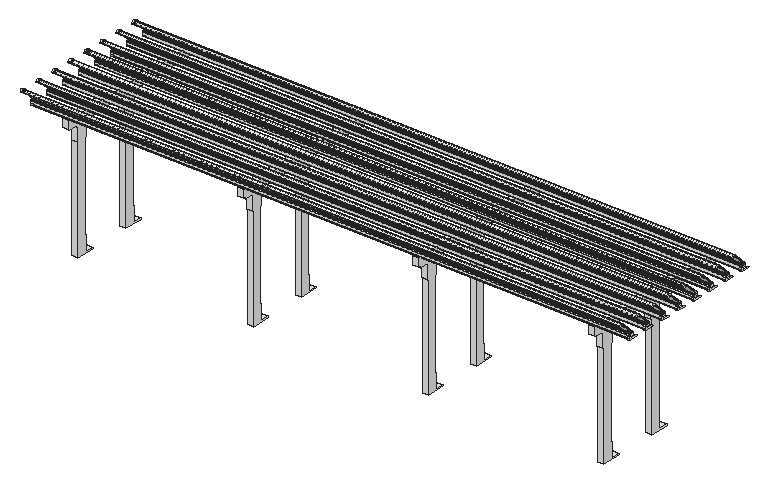
Revit family "Windows_Blinds_Nimex_Solovent_CL1100", category Specialty Equipment, host Face, Revit 2018
Family settings
  Host = Face
  Round Connector Dimension = Use Diameter
  Part Type = Normal
  OmniClass Number = 23.40.10.14
  OmniClass Title = Exterior Specialties
  Cut with Voids When Loaded = No
  Shared = No
  Room Calculation Point = No
Parameters (values of type "CL1100 - 800 mm")
  TotalLengthControl [instance] = if(TotalLength < 500 mm, 500 mm, TotalLength)  # 3000 mm
  TotalLength [instance] = 3000 mm
  WarrantyStartDate [instance] = "n/a"
  WarrantyGuarantorParts = "n/a"
  WarrantyGuarantorLabor = "n/a"
  WarrantyDurationUnit = "Years"
  WarrantyDurationParts = "n/a"
  WarrantyDurationLabor = "n/a"
  WarrantyDescription = "n/a"
  VersionDate = "28/06/2021"  # constant formula
  Version = "1"  # constant formula
  Uniclass2015Reference = "Ss_25_50_80"
  Uniclass2015Description = "Shutter systems"
  Uniclass2 = "Ss_25_50"
  URL = "https://www.nimex.se/"
  Type Comments = ""
  TagNumber [instance] = "n/a"
  SustainabilityPerformance = "n/a"
  Size = "500 - 4000 x 800 x 735 mm"
  Shape = "Sculptured"
  SerialNumber [instance] = "n/a"
  Revision = "n/a"
  ReplacementCost = "n/a"
  ProductInformation = "n/a"
  ObjectType = CL1100_800 : CL1100_800
  NominalWidth [instance] = TotalLengthControl  # 3000 mm
  NominalLength = 900 mm
  NominalHeight = 732.112 mm
  NominalDepth = 800 mm
  Name = "Nimex_Solovent_CL1100"
  NBSReference = "25-90-20/175"
  NBSDescription = "Shutter hardware system"
  ModelReference = "n/a"
  ModelNumber = "n/a"
  Model = "CL1100 - 800 mm"
  Material = "Aluminum & plastic"
  ManufacturerURL = "https://www.nimex.se/"
  ManufacturerName = "Nimex"
  Manufacturer = ManufacturerName  # "Nimex"
  InstallationDate [instance] = "n/a"
  IfcExportType = "BLIND"  # constant formula
  IfcExportAs = "IfcShadingDeviceType"  # constant formula
  Grade = "n/a"
  Finish = "n/a"
  Features = "n/a"
  ExpectedLife = "n/a"
  DurationUnit = "Years"
  Description = ""
  Default Elevation = 0 mm
  Constituents = "n/a"
  Color = "Various"
  CodePerformance = "n/a"
  Category = "Shutters"
  Brand = "Nimex"
  BlindSecondaryMaterial [instance] = Aluminum
  BlindMainMaterial [instance] = Aluminum
  Barcode [instance] = "n/a"
  BIMObjectName = "Windows_Blinds_Nimex_Solovent_CL1100"  # constant formula
  Author = "BIMstone"  # constant formula
  AssetType = "Fixed"
  AssetIdentifier [instance] = "n/a"
  Assembly Code = ""
  AccessibilityPerformance = "n/a"
Reference planes
  plane 1 "Center (Front/Back)": y = 1797.778
  plane 2: z = 0
  plane 3 "Center (Left/Right)": x = 0
  plane 4: x = -1500
  plane 5: x = 1500
  plane 6: z = 732.112
  plane 7: y = 997.778
Dimensions and locks
  equal spacing: plane 4, plane 3 "Center (Left/Right)", plane 5
  "NominalWidth": plane 4 to plane 5
  "NominalHeight": plane 6 to host face
  "NominalDepth": plane 1 "Center (Front/Back)" to plane 7
  aligned and locked: host face to plane 2
  aligned and locked: level to host face
Automatic sketch dimensions
  host sketch curve to host sketch curve = 5000 mm
  host sketch curve to host sketch curve = 5719.2 mm
Nested families
  nested 1: "CL1100_800" at (0, 964.464, 0), Length <- "TotalLengthControl", Bars <- "BlindSecondaryMaterial", Body <- "BlindMainMaterial", type <- "ObjectType", A <- "NominalDepth", type "CL1100_800"
    with Length 3000 mm, Body Aluminum, Bars Aluminum, ArrayIndex 4, ArrayDistance 876.667 mm, A 800 mm
Definition of nested family "CL1100_800"
  Parameters (values of type "CL1100_800")
    Length [instance] = 1000 mm
    Body [instance] = none
    Bars [instance] = none
    ArrayIndex [instance] = rounddown((Length - 370 mm) / 1200 mm) + 2  # 2
    ArrayDistance [instance] = (Length - 370 mm) / (ArrayIndex - 1)  # 630 mm
    A [instance] = 1800 mm
  Reference planes
    plane 1 "Center (Front/Back)": y = 0
    plane 2: z = 0
    plane 3 "Center (Left/Right)": x = 0
    plane 4: x = -500
    plane 5: x = 500
    plane 6: x = -330
    plane 7: x = -300
    plane 8: z = 732.112
    plane 9: x = -830
    plane 10: x = -800
    plane 11: x = 300
    plane 12: x = 330
    plane 13: y = 833.314
  Forms (mm)
    Extrusion 1, solid, material <- "Body", detail levels medium+fine
      sketch origin (0, -122.603, 737) x (0, 1, 0) y (0, 0, 1)
        loop
          line (922.916, -95) -> (922.916, -85.746)
          arc (922.916, -85.746) -> (922.996, -85.345) -> (923.223, -85.004) r 1.048
          line (923.223, -85.004) -> (925.364, -82.864) -> (926.345, -83.551)
          arc (926.345, -83.551) -> (926.727, -83.606) -> (926.999, -83.332) r 0.429
          line (926.999, -83.332) -> (930.759, -71.758)
          arc (930.759, -71.758) -> (930.804, -70.634) -> (930.254, -69.652) r 2.073
          line (930.254, -69.652) -> (929.02, -68.418)
          arc (929.02, -68.418) -> (928.64, -68.164) -> (928.192, -68.075) r 1.171
          line (928.192, -68.075) -> (927.395, -68.075)
          arc (927.395, -68.075) -> (927.012, -67.999) -> (926.687, -67.782) r 1
          line (926.687, -67.782) -> (872.29, -13.385)
          arc (872.29, -13.385) -> (872.064, -13.047) -> (871.985, -12.648) r 1.042
          line (871.985, -12.648) -> (871.985, -11.856)
          arc (871.985, -11.856) -> (871.898, -11.419) -> (871.65, -11.048) r 1.144
          line (871.65, -11.048) -> (870.384, -9.782)
          arc (870.384, -9.782) -> (869.426, -9.246) -> (868.329, -9.292) r 2.018
          line (868.329, -9.292) -> (856.933, -13.028)
          arc (856.933, -13.028) -> (856.578, -13.346) -> (856.572, -13.823) r 0.593
          line (856.572, -13.823) -> (857.03, -14.487)
          arc (857.03, -14.487) -> (857.086, -14.872) -> (856.885, -15.205) r 0.575
          line (856.885, -15.205) -> (855.952, -15.961)
          arc (855.952, -15.961) -> (855.883, -16.748) -> (856.641, -16.968) r 0.622
          arc (856.641, -16.968) -> (858.009, -16.219) -> (859.211, -15.227) r 8.226
          arc (859.211, -15.227) -> (859.765, -14.79) -> (860.405, -14.495) r 3
          line (860.405, -14.495) -> (868.311, -11.926)
          arc (868.311, -11.926) -> (869.115, -12.053) -> (869.485, -12.779) r 0.897
          line (869.485, -12.779) -> (869.485, -13.689)
          arc (869.485, -13.689) -> (869.562, -14.084) -> (869.781, -14.422) r 1.057
          line (869.781, -14.422) -> (925.378, -72.1)
          arc (925.378, -72.1) -> (925.864, -72.997) -> (925.82, -74.017) r 1.91
          line (925.82, -74.017) -> (924.633, -77.67)
          arc (924.633, -77.67) -> (923.407, -79.356) -> (921.425, -80) r 3.373
          line (921.425, -80) -> (919.92, -80)
          arc (919.92, -80) -> (918.503, -80.587) -> (917.916, -82.004) r 2.004
          line (917.916, -82.004) -> (917.916, -97.902)
          arc (917.916, -97.902) -> (918.531, -99.386) -> (920.015, -100) r 2.099
          line (920.015, -100) -> (955.916, -100) -> (955.916, -96.851)
          arc (955.916, -96.851) -> (955.374, -95.542) -> (954.066, -95) r 1.851
          line (954.066, -95) -> (922.916, -95)
        loop
          line (822.916, -95) -> (822.916, -85.746)
          arc (822.916, -85.746) -> (822.996, -85.345) -> (823.223, -85.004) r 1.048
          line (823.223, -85.004) -> (825.364, -82.864) -> (826.345, -83.551)
          arc (826.345, -83.551) -> (826.727, -83.606) -> (826.999, -83.332) r 0.429
          line (826.999, -83.332) -> (830.759, -71.758)
          arc (830.759, -71.758) -> (830.804, -70.634) -> (830.254, -69.652) r 2.073
          line (830.254, -69.652) -> (829.02, -68.418)
          arc (829.02, -68.418) -> (828.64, -68.164) -> (828.192, -68.075) r 1.171
          line (828.192, -68.075) -> (827.395, -68.075)
          arc (827.395, -68.075) -> (827.012, -67.999) -> (826.687, -67.782) r 1
          line (826.687, -67.782) -> (772.29, -13.385)
          arc (772.29, -13.385) -> (772.064, -13.047) -> (771.985, -12.648) r 1.042
          line (771.985, -12.648) -> (771.985, -11.856)
          arc (771.985, -11.856) -> (771.898, -11.419) -> (771.65, -11.048) r 1.144
          line (771.65, -11.048) -> (770.384, -9.782)
          arc (770.384, -9.782) -> (769.426, -9.246) -> (768.329, -9.292) r 2.018
          line (768.329, -9.292) -> (756.933, -13.028)
          arc (756.933, -13.028) -> (756.578, -13.346) -> (756.572, -13.823) r 0.593
          line (756.572, -13.823) -> (757.03, -14.487)
          arc (757.03, -14.487) -> (757.086, -14.872) -> (756.885, -15.205) r 0.575
          line (756.885, -15.205) -> (755.952, -15.961)
          arc (755.952, -15.961) -> (755.883, -16.748) -> (756.641, -16.968) r 0.622
          arc (756.641, -16.968) -> (758.009, -16.219) -> (759.211, -15.227) r 8.226
          arc (759.211, -15.227) -> (759.765, -14.79) -> (760.405, -14.495) r 3
          line (760.405, -14.495) -> (768.311, -11.926)
          arc (768.311, -11.926) -> (769.115, -12.053) -> (769.485, -12.779) r 0.897
          line (769.485, -12.779) -> (769.485, -13.689)
          arc (769.485, -13.689) -> (769.562, -14.084) -> (769.781, -14.422) r 1.057
          line (769.781, -14.422) -> (825.378, -72.1)
          arc (825.378, -72.1) -> (825.864, -72.997) -> (825.82, -74.017) r 1.91
          line (825.82, -74.017) -> (824.633, -77.67)
          arc (824.633, -77.67) -> (823.407, -79.356) -> (821.425, -80) r 3.373
          line (821.425, -80) -> (819.92, -80)
          arc (819.92, -80) -> (818.503, -80.587) -> (817.916, -82.004) r 2.004
          line (817.916, -82.004) -> (817.916, -97.902)
          arc (817.916, -97.902) -> (818.531, -99.386) -> (820.015, -100) r 2.099
          line (820.015, -100) -> (855.916, -100) -> (855.916, -96.851)
          arc (855.916, -96.851) -> (855.374, -95.542) -> (854.066, -95) r 1.851
          line (854.066, -95) -> (822.916, -95)
        loop
          line (722.916, -95) -> (722.916, -85.746)
          arc (722.916, -85.746) -> (722.996, -85.345) -> (723.223, -85.004) r 1.048
          line (723.223, -85.004) -> (725.364, -82.864) -> (726.345, -83.551)
          arc (726.345, -83.551) -> (726.727, -83.606) -> (726.999, -83.332) r 0.429
          line (726.999, -83.332) -> (730.759, -71.758)
          arc (730.759, -71.758) -> (730.804, -70.634) -> (730.254, -69.652) r 2.073
          line (730.254, -69.652) -> (729.02, -68.418)
          arc (729.02, -68.418) -> (728.64, -68.164) -> (728.192, -68.075) r 1.171
          line (728.192, -68.075) -> (727.395, -68.075)
          arc (727.395, -68.075) -> (727.012, -67.999) -> (726.687, -67.782) r 1
          line (726.687, -67.782) -> (672.29, -13.385)
          arc (672.29, -13.385) -> (672.064, -13.047) -> (671.985, -12.648) r 1.042
          line (671.985, -12.648) -> (671.985, -11.856)
          arc (671.985, -11.856) -> (671.898, -11.419) -> (671.65, -11.048) r 1.144
          line (671.65, -11.048) -> (670.384, -9.782)
          arc (670.384, -9.782) -> (669.426, -9.246) -> (668.329, -9.292) r 2.018
          line (668.329, -9.292) -> (656.933, -13.028)
          arc (656.933, -13.028) -> (656.578, -13.346) -> (656.572, -13.823) r 0.593
          line (656.572, -13.823) -> (657.03, -14.487)
          arc (657.03, -14.487) -> (657.086, -14.872) -> (656.885, -15.205) r 0.575
          line (656.885, -15.205) -> (655.952, -15.961)
          arc (655.952, -15.961) -> (655.883, -16.748) -> (656.641, -16.968) r 0.622
          arc (656.641, -16.968) -> (658.009, -16.219) -> (659.211, -15.227) r 8.226
          arc (659.211, -15.227) -> (659.765, -14.79) -> (660.405, -14.495) r 3
          line (660.405, -14.495) -> (668.311, -11.926)
          arc (668.311, -11.926) -> (669.115, -12.053) -> (669.485, -12.779) r 0.897
          line (669.485, -12.779) -> (669.485, -13.689)
          arc (669.485, -13.689) -> (669.562, -14.084) -> (669.781, -14.422) r 1.057
          line (669.781, -14.422) -> (725.378, -72.1)
          arc (725.378, -72.1) -> (725.864, -72.997) -> (725.82, -74.017) r 1.91
          line (725.82, -74.017) -> (724.633, -77.67)
          arc (724.633, -77.67) -> (723.407, -79.356) -> (721.425, -80) r 3.373
          line (721.425, -80) -> (719.92, -80)
          arc (719.92, -80) -> (718.503, -80.587) -> (717.916, -82.004) r 2.004
          line (717.916, -82.004) -> (717.916, -97.902)
          arc (717.916, -97.902) -> (718.531, -99.386) -> (720.015, -100) r 2.099
          line (720.015, -100) -> (755.916, -100) -> (755.916, -96.851)
          arc (755.916, -96.851) -> (755.374, -95.542) -> (754.066, -95) r 1.851
          line (754.066, -95) -> (722.916, -95)
        loop
          line (622.916, -95) -> (622.916, -85.746)
          arc (622.916, -85.746) -> (622.996, -85.345) -> (623.223, -85.004) r 1.048
          line (623.223, -85.004) -> (625.364, -82.864) -> (626.345, -83.551)
          arc (626.345, -83.551) -> (626.727, -83.606) -> (626.999, -83.332) r 0.429
          line (626.999, -83.332) -> (630.759, -71.758)
          arc (630.759, -71.758) -> (630.804, -70.634) -> (630.254, -69.652) r 2.073
          line (630.254, -69.652) -> (629.02, -68.418)
          arc (629.02, -68.418) -> (628.64, -68.164) -> (628.192, -68.075) r 1.171
          line (628.192, -68.075) -> (627.395, -68.075)
          arc (627.395, -68.075) -> (627.012, -67.999) -> (626.687, -67.782) r 1
          line (626.687, -67.782) -> (572.29, -13.385)
          arc (572.29, -13.385) -> (572.064, -13.047) -> (571.985, -12.648) r 1.042
          line (571.985, -12.648) -> (571.985, -11.856)
          arc (571.985, -11.856) -> (571.898, -11.419) -> (571.65, -11.048) r 1.144
          line (571.65, -11.048) -> (570.384, -9.782)
          arc (570.384, -9.782) -> (569.426, -9.246) -> (568.329, -9.292) r 2.018
          line (568.329, -9.292) -> (556.933, -13.028)
          arc (556.933, -13.028) -> (556.578, -13.346) -> (556.572, -13.823) r 0.593
          line (556.572, -13.823) -> (557.03, -14.487)
          arc (557.03, -14.487) -> (557.086, -14.872) -> (556.885, -15.205) r 0.575
          line (556.885, -15.205) -> (555.952, -15.961)
          arc (555.952, -15.961) -> (555.883, -16.748) -> (556.641, -16.968) r 0.622
          arc (556.641, -16.968) -> (558.009, -16.219) -> (559.211, -15.227) r 8.226
          arc (559.211, -15.227) -> (559.765, -14.79) -> (560.405, -14.495) r 3
          line (560.405, -14.495) -> (568.311, -11.926)
          arc (568.311, -11.926) -> (569.115, -12.053) -> (569.485, -12.779) r 0.897
          line (569.485, -12.779) -> (569.485, -13.689)
          arc (569.485, -13.689) -> (569.562, -14.084) -> (569.781, -14.422) r 1.057
          line (569.781, -14.422) -> (625.378, -72.1)
          arc (625.378, -72.1) -> (625.864, -72.997) -> (625.82, -74.017) r 1.91
          line (625.82, -74.017) -> (624.633, -77.67)
          arc (624.633, -77.67) -> (623.407, -79.356) -> (621.425, -80) r 3.373
          line (621.425, -80) -> (619.92, -80)
          arc (619.92, -80) -> (618.503, -80.587) -> (617.916, -82.004) r 2.004
          line (617.916, -82.004) -> (617.916, -97.902)
          arc (617.916, -97.902) -> (618.531, -99.386) -> (620.015, -100) r 2.099
          line (620.015, -100) -> (655.916, -100) -> (655.916, -96.851)
          arc (655.916, -96.851) -> (655.374, -95.542) -> (654.066, -95) r 1.851
          line (654.066, -95) -> (622.916, -95)
        loop
          line (522.916, -95) -> (522.916, -85.746)
          arc (522.916, -85.746) -> (522.996, -85.345) -> (523.223, -85.004) r 1.048
          line (523.223, -85.004) -> (525.364, -82.864) -> (526.345, -83.551)
          arc (526.345, -83.551) -> (526.727, -83.606) -> (526.999, -83.332) r 0.429
          line (526.999, -83.332) -> (530.759, -71.758)
          arc (530.759, -71.758) -> (530.804, -70.634) -> (530.254, -69.652) r 2.073
          line (530.254, -69.652) -> (529.02, -68.418)
          arc (529.02, -68.418) -> (528.64, -68.164) -> (528.192, -68.075) r 1.171
          line (528.192, -68.075) -> (527.395, -68.075)
          arc (527.395, -68.075) -> (527.012, -67.999) -> (526.687, -67.782) r 1
          line (526.687, -67.782) -> (472.29, -13.385)
          arc (472.29, -13.385) -> (472.064, -13.047) -> (471.985, -12.648) r 1.042
          line (471.985, -12.648) -> (471.985, -11.856)
          arc (471.985, -11.856) -> (471.898, -11.419) -> (471.65, -11.048) r 1.144
          line (471.65, -11.048) -> (470.384, -9.782)
          arc (470.384, -9.782) -> (469.426, -9.246) -> (468.329, -9.292) r 2.018
          line (468.329, -9.292) -> (456.933, -13.028)
          arc (456.933, -13.028) -> (456.578, -13.346) -> (456.572, -13.823) r 0.593
          line (456.572, -13.823) -> (457.03, -14.487)
          arc (457.03, -14.487) -> (457.086, -14.872) -> (456.885, -15.205) r 0.575
          line (456.885, -15.205) -> (455.952, -15.961)
          arc (455.952, -15.961) -> (455.883, -16.748) -> (456.641, -16.968) r 0.622
          arc (456.641, -16.968) -> (458.009, -16.219) -> (459.211, -15.227) r 8.226
          arc (459.211, -15.227) -> (459.765, -14.79) -> (460.405, -14.495) r 3
          line (460.405, -14.495) -> (468.311, -11.926)
          arc (468.311, -11.926) -> (469.115, -12.053) -> (469.485, -12.779) r 0.897
          line (469.485, -12.779) -> (469.485, -13.689)
          arc (469.485, -13.689) -> (469.562, -14.084) -> (469.781, -14.422) r 1.057
          line (469.781, -14.422) -> (525.378, -72.1)
          arc (525.378, -72.1) -> (525.864, -72.997) -> (525.82, -74.017) r 1.91
          line (525.82, -74.017) -> (524.633, -77.67)
          arc (524.633, -77.67) -> (523.407, -79.356) -> (521.425, -80) r 3.373
          line (521.425, -80) -> (519.92, -80)
          arc (519.92, -80) -> (518.503, -80.587) -> (517.916, -82.004) r 2.004
          line (517.916, -82.004) -> (517.916, -97.902)
          arc (517.916, -97.902) -> (518.531, -99.386) -> (520.015, -100) r 2.099
          line (520.015, -100) -> (555.916, -100) -> (555.916, -96.851)
          arc (555.916, -96.851) -> (555.374, -95.542) -> (554.066, -95) r 1.851
          line (554.066, -95) -> (522.916, -95)
        loop
          line (422.916, -95) -> (422.916, -85.746)
          arc (422.916, -85.746) -> (422.996, -85.345) -> (423.223, -85.004) r 1.048
          line (423.223, -85.004) -> (425.364, -82.864) -> (426.345, -83.551)
          arc (426.345, -83.551) -> (426.727, -83.606) -> (426.999, -83.332) r 0.429
          line (426.999, -83.332) -> (430.759, -71.758)
          arc (430.759, -71.758) -> (430.804, -70.634) -> (430.254, -69.652) r 2.073
          line (430.254, -69.652) -> (429.02, -68.418)
          arc (429.02, -68.418) -> (428.64, -68.164) -> (428.192, -68.075) r 1.171
          line (428.192, -68.075) -> (427.395, -68.075)
          arc (427.395, -68.075) -> (427.012, -67.999) -> (426.687, -67.782) r 1
          line (426.687, -67.782) -> (372.29, -13.385)
          arc (372.29, -13.385) -> (372.064, -13.047) -> (371.985, -12.648) r 1.042
          line (371.985, -12.648) -> (371.985, -11.856)
          arc (371.985, -11.856) -> (371.898, -11.419) -> (371.65, -11.048) r 1.144
          line (371.65, -11.048) -> (370.384, -9.782)
          arc (370.384, -9.782) -> (369.426, -9.246) -> (368.329, -9.292) r 2.018
          line (368.329, -9.292) -> (356.933, -13.028)
          arc (356.933, -13.028) -> (356.578, -13.346) -> (356.572, -13.823) r 0.593
          line (356.572, -13.823) -> (357.03, -14.487)
          arc (357.03, -14.487) -> (357.086, -14.872) -> (356.885, -15.205) r 0.575
          line (356.885, -15.205) -> (355.952, -15.961)
          arc (355.952, -15.961) -> (355.883, -16.748) -> (356.641, -16.968) r 0.622
          arc (356.641, -16.968) -> (358.009, -16.219) -> (359.211, -15.227) r 8.226
          arc (359.211, -15.227) -> (359.765, -14.79) -> (360.405, -14.495) r 3
          line (360.405, -14.495) -> (368.311, -11.926)
          arc (368.311, -11.926) -> (369.115, -12.053) -> (369.485, -12.779) r 0.897
          line (369.485, -12.779) -> (369.485, -13.689)
          arc (369.485, -13.689) -> (369.562, -14.084) -> (369.781, -14.422) r 1.057
          line (369.781, -14.422) -> (425.378, -72.1)
          arc (425.378, -72.1) -> (425.864, -72.997) -> (425.82, -74.017) r 1.91
          line (425.82, -74.017) -> (424.633, -77.67)
          arc (424.633, -77.67) -> (423.407, -79.356) -> (421.425, -80) r 3.373
          line (421.425, -80) -> (419.92, -80)
          arc (419.92, -80) -> (418.503, -80.587) -> (417.916, -82.004) r 2.004
          line (417.916, -82.004) -> (417.916, -97.902)
          arc (417.916, -97.902) -> (418.531, -99.386) -> (420.015, -100) r 2.099
          line (420.015, -100) -> (455.916, -100) -> (455.916, -96.851)
          arc (455.916, -96.851) -> (455.374, -95.542) -> (454.066, -95) r 1.851
          line (454.066, -95) -> (422.916, -95)
        loop
          line (322.916, -95) -> (322.916, -85.746)
          arc (322.916, -85.746) -> (322.996, -85.345) -> (323.223, -85.004) r 1.048
          line (323.223, -85.004) -> (325.364, -82.864) -> (326.345, -83.551)
          arc (326.345, -83.551) -> (326.727, -83.606) -> (326.999, -83.332) r 0.429
          line (326.999, -83.332) -> (330.759, -71.758)
          arc (330.759, -71.758) -> (330.804, -70.634) -> (330.254, -69.652) r 2.073
          line (330.254, -69.652) -> (329.02, -68.418)
          arc (329.02, -68.418) -> (328.64, -68.164) -> (328.192, -68.075) r 1.171
          line (328.192, -68.075) -> (327.395, -68.075)
          arc (327.395, -68.075) -> (327.012, -67.999) -> (326.687, -67.782) r 1
          line (326.687, -67.782) -> (272.29, -13.385)
          arc (272.29, -13.385) -> (272.064, -13.047) -> (271.985, -12.648) r 1.042
          line (271.985, -12.648) -> (271.985, -11.856)
          arc (271.985, -11.856) -> (271.898, -11.419) -> (271.65, -11.048) r 1.144
          line (271.65, -11.048) -> (270.384, -9.782)
          arc (270.384, -9.782) -> (269.426, -9.246) -> (268.329, -9.292) r 2.018
          line (268.329, -9.292) -> (256.933, -13.028)
          arc (256.933, -13.028) -> (256.578, -13.346) -> (256.572, -13.823) r 0.593
          line (256.572, -13.823) -> (257.03, -14.487)
          arc (257.03, -14.487) -> (257.086, -14.872) -> (256.885, -15.205) r 0.575
          line (256.885, -15.205) -> (255.952, -15.961)
          arc (255.952, -15.961) -> (255.883, -16.748) -> (256.641, -16.968) r 0.622
          arc (256.641, -16.968) -> (258.009, -16.219) -> (259.211, -15.227) r 8.226
          arc (259.211, -15.227) -> (259.765, -14.79) -> (260.405, -14.495) r 3
          line (260.405, -14.495) -> (268.311, -11.926)
          arc (268.311, -11.926) -> (269.115, -12.053) -> (269.485, -12.779) r 0.897
          line (269.485, -12.779) -> (269.485, -13.689)
          arc (269.485, -13.689) -> (269.562, -14.084) -> (269.781, -14.422) r 1.057
          line (269.781, -14.422) -> (325.378, -72.1)
          arc (325.378, -72.1) -> (325.864, -72.997) -> (325.82, -74.017) r 1.91
          line (325.82, -74.017) -> (324.633, -77.67)
          arc (324.633, -77.67) -> (323.407, -79.356) -> (321.425, -80) r 3.373
          line (321.425, -80) -> (319.92, -80)
          arc (319.92, -80) -> (318.503, -80.587) -> (317.916, -82.004) r 2.004
          line (317.916, -82.004) -> (317.916, -97.902)
          arc (317.916, -97.902) -> (318.531, -99.386) -> (320.015, -100) r 2.099
          line (320.015, -100) -> (355.916, -100) -> (355.916, -96.851)
          arc (355.916, -96.851) -> (355.374, -95.542) -> (354.066, -95) r 1.851
          line (354.066, -95) -> (322.916, -95)
        loop
          line (222.916, -95) -> (222.916, -85.746)
          arc (222.916, -85.746) -> (222.996, -85.345) -> (223.223, -85.004) r 1.048
          line (223.223, -85.004) -> (225.364, -82.864) -> (226.345, -83.551)
          arc (226.345, -83.551) -> (226.727, -83.606) -> (226.999, -83.332) r 0.429
          line (226.999, -83.332) -> (230.759, -71.758)
          arc (230.759, -71.758) -> (230.804, -70.634) -> (230.254, -69.652) r 2.073
          line (230.254, -69.652) -> (229.02, -68.418)
          arc (229.02, -68.418) -> (228.64, -68.164) -> (228.192, -68.075) r 1.171
          line (228.192, -68.075) -> (227.395, -68.075)
          arc (227.395, -68.075) -> (227.012, -67.999) -> (226.687, -67.782) r 1
          line (226.687, -67.782) -> (172.29, -13.385)
          arc (172.29, -13.385) -> (172.064, -13.047) -> (171.985, -12.648) r 1.042
          line (171.985, -12.648) -> (171.985, -11.856)
          arc (171.985, -11.856) -> (171.898, -11.419) -> (171.65, -11.048) r 1.144
          line (171.65, -11.048) -> (170.384, -9.782)
          arc (170.384, -9.782) -> (169.426, -9.246) -> (168.329, -9.292) r 2.018
          line (168.329, -9.292) -> (156.933, -13.028)
          arc (156.933, -13.028) -> (156.578, -13.346) -> (156.572, -13.823) r 0.593
          line (156.572, -13.823) -> (157.03, -14.487)
          arc (157.03, -14.487) -> (157.086, -14.872) -> (156.885, -15.205) r 0.575
          line (156.885, -15.205) -> (155.952, -15.961)
          arc (155.952, -15.961) -> (155.883, -16.748) -> (156.641, -16.968) r 0.622
          arc (156.641, -16.968) -> (158.009, -16.219) -> (159.211, -15.227) r 8.226
          arc (159.211, -15.227) -> (159.765, -14.79) -> (160.405, -14.495) r 3
          line (160.405, -14.495) -> (168.311, -11.926)
          arc (168.311, -11.926) -> (169.115, -12.053) -> (169.485, -12.779) r 0.897
          line (169.485, -12.779) -> (169.485, -13.689)
          arc (169.485, -13.689) -> (169.562, -14.084) -> (169.781, -14.422) r 1.057
          line (169.781, -14.422) -> (225.378, -72.1)
          arc (225.378, -72.1) -> (225.864, -72.997) -> (225.82, -74.017) r 1.91
          line (225.82, -74.017) -> (224.633, -77.67)
          arc (224.633, -77.67) -> (223.407, -79.356) -> (221.425, -80) r 3.373
          line (221.425, -80) -> (219.92, -80)
          arc (219.92, -80) -> (218.503, -80.587) -> (217.916, -82.004) r 2.004
          line (217.916, -82.004) -> (217.916, -97.902)
          arc (217.916, -97.902) -> (218.531, -99.386) -> (220.015, -100) r 2.099
          line (220.015, -100) -> (255.916, -100) -> (255.916, -96.851)
          arc (255.916, -96.851) -> (255.374, -95.542) -> (254.066, -95) r 1.851
          line (254.066, -95) -> (222.916, -95)
      from -500 to 500
    Extrusion 2, solid, material <- "Bars", detail levels medium+fine
      sketch origin (0, 0, 0) x (0, 1, 0) y (0, 0, 1)
        loop
          line (808.852, 668.127) -> (747.592, 729.388)
          arc (747.592, 729.388) -> (736.666, 731.032) -> (731.88, 721.074) r 9.3
          arc (731.88, 721.074) -> (732.342, 720.558) -> (733.014, 720.725) r 0.671
          line (733.014, 720.725) -> (733.8, 721.511)
          arc (733.8, 721.511) -> (733.959, 721.876) -> (733.826, 722.251) r 0.543
          line (733.826, 722.251) -> (733.12, 723.064)
          arc (733.12, 723.064) -> (738.109, 730.158) -> (746.602, 728.398) r 7.9
          line (746.602, 728.398) -> (807.862, 667.138)
          arc (807.862, 667.138) -> (809.61, 658.619) -> (802.467, 653.66) r 7.896
          line (802.467, 653.66) -> (801.737, 654.39)
          arc (801.737, 654.39) -> (801.383, 654.536) -> (801.029, 654.39) r 0.5
          line (801.029, 654.39) -> (800.179, 653.54)
          arc (800.179, 653.54) -> (800.014, 652.875) -> (800.524, 652.418) r 0.664
          arc (800.524, 652.418) -> (810.493, 657.195) -> (808.852, 668.127) r 9.3
        loop
          line (708.852, 668.127) -> (647.592, 729.388)
          arc (647.592, 729.388) -> (636.666, 731.032) -> (631.88, 721.074) r 9.3
          arc (631.88, 721.074) -> (632.342, 720.558) -> (633.014, 720.725) r 0.671
          line (633.014, 720.725) -> (633.8, 721.511)
          arc (633.8, 721.511) -> (633.959, 721.876) -> (633.826, 722.251) r 0.543
          line (633.826, 722.251) -> (633.12, 723.064)
          arc (633.12, 723.064) -> (638.109, 730.158) -> (646.602, 728.398) r 7.9
          line (646.602, 728.398) -> (707.862, 667.138)
          arc (707.862, 667.138) -> (709.61, 658.619) -> (702.467, 653.66) r 7.896
          line (702.467, 653.66) -> (701.737, 654.39)
          arc (701.737, 654.39) -> (701.383, 654.536) -> (701.029, 654.39) r 0.5
          line (701.029, 654.39) -> (700.179, 653.54)
          arc (700.179, 653.54) -> (700.014, 652.875) -> (700.524, 652.418) r 0.664
          arc (700.524, 652.418) -> (710.493, 657.195) -> (708.852, 668.127) r 9.3
        loop
          line (608.852, 668.127) -> (547.592, 729.388)
          arc (547.592, 729.388) -> (536.666, 731.032) -> (531.88, 721.074) r 9.3
          arc (531.88, 721.074) -> (532.342, 720.558) -> (533.014, 720.725) r 0.671
          line (533.014, 720.725) -> (533.8, 721.511)
          arc (533.8, 721.511) -> (533.959, 721.876) -> (533.826, 722.251) r 0.543
          line (533.826, 722.251) -> (533.12, 723.064)
          arc (533.12, 723.064) -> (538.109, 730.158) -> (546.602, 728.398) r 7.9
          line (546.602, 728.398) -> (607.862, 667.138)
          arc (607.862, 667.138) -> (609.61, 658.619) -> (602.467, 653.66) r 7.896
          line (602.467, 653.66) -> (601.737, 654.39)
          arc (601.737, 654.39) -> (601.383, 654.536) -> (601.029, 654.39) r 0.5
          line (601.029, 654.39) -> (600.179, 653.54)
          arc (600.179, 653.54) -> (600.014, 652.875) -> (600.524, 652.418) r 0.664
          arc (600.524, 652.418) -> (610.493, 657.195) -> (608.852, 668.127) r 9.3
        loop
          line (508.852, 668.127) -> (447.592, 729.388)
          arc (447.592, 729.388) -> (436.666, 731.032) -> (431.88, 721.074) r 9.3
          arc (431.88, 721.074) -> (432.342, 720.558) -> (433.014, 720.725) r 0.671
          line (433.014, 720.725) -> (433.8, 721.511)
          arc (433.8, 721.511) -> (433.959, 721.876) -> (433.826, 722.251) r 0.543
          line (433.826, 722.251) -> (433.12, 723.064)
          arc (433.12, 723.064) -> (438.109, 730.158) -> (446.602, 728.398) r 7.9
          line (446.602, 728.398) -> (507.862, 667.138)
          arc (507.862, 667.138) -> (509.61, 658.619) -> (502.467, 653.66) r 7.896
          line (502.467, 653.66) -> (501.737, 654.39)
          arc (501.737, 654.39) -> (501.383, 654.536) -> (501.029, 654.39) r 0.5
          line (501.029, 654.39) -> (500.179, 653.54)
          arc (500.179, 653.54) -> (500.014, 652.875) -> (500.524, 652.418) r 0.664
          arc (500.524, 652.418) -> (510.493, 657.195) -> (508.852, 668.127) r 9.3
        loop
          line (408.852, 668.127) -> (347.592, 729.388)
          arc (347.592, 729.388) -> (336.666, 731.032) -> (331.88, 721.074) r 9.3
          arc (331.88, 721.074) -> (332.342, 720.558) -> (333.014, 720.725) r 0.671
          line (333.014, 720.725) -> (333.8, 721.511)
          arc (333.8, 721.511) -> (333.959, 721.876) -> (333.826, 722.251) r 0.543
          line (333.826, 722.251) -> (333.12, 723.064)
          arc (333.12, 723.064) -> (338.109, 730.158) -> (346.602, 728.398) r 7.9
          line (346.602, 728.398) -> (407.862, 667.138)
          arc (407.862, 667.138) -> (409.61, 658.619) -> (402.467, 653.66) r 7.896
          line (402.467, 653.66) -> (401.737, 654.39)
          arc (401.737, 654.39) -> (401.383, 654.536) -> (401.029, 654.39) r 0.5
          line (401.029, 654.39) -> (400.179, 653.54)
          arc (400.179, 653.54) -> (400.014, 652.875) -> (400.524, 652.418) r 0.664
          arc (400.524, 652.418) -> (410.493, 657.195) -> (408.852, 668.127) r 9.3
        loop
          line (308.852, 668.127) -> (247.592, 729.388)
          arc (247.592, 729.388) -> (236.666, 731.032) -> (231.88, 721.074) r 9.3
          arc (231.88, 721.074) -> (232.342, 720.558) -> (233.014, 720.725) r 0.671
          line (233.014, 720.725) -> (233.8, 721.511)
          arc (233.8, 721.511) -> (233.959, 721.876) -> (233.826, 722.251) r 0.543
          line (233.826, 722.251) -> (233.12, 723.064)
          arc (233.12, 723.064) -> (238.109, 730.158) -> (246.602, 728.398) r 7.9
          line (246.602, 728.398) -> (307.862, 667.138)
          arc (307.862, 667.138) -> (309.61, 658.619) -> (302.467, 653.66) r 7.896
          line (302.467, 653.66) -> (301.737, 654.39)
          arc (301.737, 654.39) -> (301.383, 654.536) -> (301.029, 654.39) r 0.5
          line (301.029, 654.39) -> (300.179, 653.54)
          arc (300.179, 653.54) -> (300.014, 652.875) -> (300.524, 652.418) r 0.664
          arc (300.524, 652.418) -> (310.493, 657.195) -> (308.852, 668.127) r 9.3
        loop
          line (208.852, 668.127) -> (147.592, 729.388)
          arc (147.592, 729.388) -> (136.666, 731.032) -> (131.88, 721.074) r 9.3
          arc (131.88, 721.074) -> (132.342, 720.558) -> (133.014, 720.725) r 0.671
          line (133.014, 720.725) -> (133.8, 721.511)
          arc (133.8, 721.511) -> (133.959, 721.876) -> (133.826, 722.251) r 0.543
          line (133.826, 722.251) -> (133.12, 723.064)
          arc (133.12, 723.064) -> (138.109, 730.158) -> (146.602, 728.398) r 7.9
          line (146.602, 728.398) -> (207.862, 667.138)
          arc (207.862, 667.138) -> (209.61, 658.619) -> (202.467, 653.66) r 7.896
          line (202.467, 653.66) -> (201.737, 654.39)
          arc (201.737, 654.39) -> (201.383, 654.536) -> (201.029, 654.39) r 0.5
          line (201.029, 654.39) -> (200.179, 653.54)
          arc (200.179, 653.54) -> (200.014, 652.875) -> (200.524, 652.418) r 0.664
          arc (200.524, 652.418) -> (210.493, 657.195) -> (208.852, 668.127) r 9.3
        loop
          line (108.852, 668.127) -> (47.592, 729.388)
          arc (47.592, 729.388) -> (36.666, 731.032) -> (31.88, 721.074) r 9.3
          arc (31.88, 721.074) -> (32.342, 720.558) -> (33.014, 720.725) r 0.671
          line (33.014, 720.725) -> (33.8, 721.511)
          arc (33.8, 721.511) -> (33.959, 721.876) -> (33.826, 722.251) r 0.543
          line (33.826, 722.251) -> (33.12, 723.064)
          arc (33.12, 723.064) -> (38.109, 730.158) -> (46.602, 728.398) r 7.9
          line (46.602, 728.398) -> (107.862, 667.138)
          arc (107.862, 667.138) -> (109.61, 658.619) -> (102.467, 653.66) r 7.896
          line (102.467, 653.66) -> (101.737, 654.39)
          arc (101.737, 654.39) -> (101.383, 654.536) -> (101.029, 654.39) r 0.5
          line (101.029, 654.39) -> (100.179, 653.54)
          arc (100.179, 653.54) -> (100.014, 652.875) -> (100.524, 652.418) r 0.664
          arc (100.524, 652.418) -> (110.493, 657.195) -> (108.852, 668.127) r 9.3
      from -500 to 500
    Extrusion 3, solid, material <- "Body", detail levels medium+fine
      sketch origin (500, 0, 0) x (0, 1, 0) y (0, 0, 1)
        loop
          line (84.314, 640) -> (84.314, 600) -> (94.314, 600) -> (94.314, 594) -> (132.321, 594)
          arc (132.321, 594) -> (136.559, 592.245) -> (138.314, 588.008) r 5.992
          line (138.314, 588.008) -> (138.314, 520) -> (144.314, 520) -> (144.314, 0) -> (234.314, 0) -> (234.314, 6) -> (195.314, 6)
          arc (195.314, 6) -> (191.778, 7.464) -> (190.314, 11) r 5
          line (190.314, 11) -> (190.314, 80) -> (184.314, 80) -> (184.314, 520) -> (190.314, 520) -> (190.314, 588)
          arc (190.314, 588) -> (192.071, 592.243) -> (196.314, 594) r 6
          line (196.314, 594) -> (234.314, 594) -> (234.314, 600) -> (393.314, 600) -> (393.314, 594) -> (431.321, 594)
          arc (431.321, 594) -> (435.559, 592.245) -> (437.314, 588.008) r 5.992
          line (437.314, 588.008) -> (437.314, 520) -> (443.314, 520) -> (443.314, 0) -> (533.314, 0) -> (533.314, 6) -> (494.314, 6)
          arc (494.314, 6) -> (490.778, 7.464) -> (489.314, 11) r 5
          line (489.314, 11) -> (489.314, 80) -> (483.314, 80) -> (483.314, 520) -> (489.314, 520) -> (489.314, 588)
          arc (489.314, 588) -> (491.071, 592.243) -> (495.314, 594) r 6
          line (495.314, 594) -> (533.314, 594) -> (533.314, 600) -> (833.314, 600) -> (833.314, 640) -> (84.314, 640)
      from -830 to -800
    Extrusion 4, solid, material <- "Body", not visible, detail levels medium+fine
      sketch origin (0, 0, 0) x (0, 1, 0) y (0, 0, 1)
        loop
          line (84.314, 640) -> (84.314, 600) -> (94.314, 600) -> (94.314, 594) -> (132.321, 594)
          arc (132.321, 594) -> (136.559, 592.245) -> (138.314, 588.008) r 5.992
          line (138.314, 588.008) -> (138.314, 520) -> (144.314, 520) -> (144.314, 0) -> (234.314, 0) -> (234.314, 6) -> (195.314, 6)
          arc (195.314, 6) -> (191.778, 7.464) -> (190.314, 11) r 5
          line (190.314, 11) -> (190.314, 80) -> (184.314, 80) -> (184.314, 520) -> (190.314, 520) -> (190.314, 588)
          arc (190.314, 588) -> (192.071, 592.243) -> (196.314, 594) r 6
          line (196.314, 594) -> (234.314, 594) -> (234.314, 600) -> (393.314, 600) -> (393.314, 594) -> (431.321, 594)
          arc (431.321, 594) -> (435.559, 592.245) -> (437.314, 588.008) r 5.992
          line (437.314, 588.008) -> (437.314, 520) -> (443.314, 520) -> (443.314, 0) -> (533.314, 0) -> (533.314, 6) -> (494.314, 6)
          arc (494.314, 6) -> (490.778, 7.464) -> (489.314, 11) r 5
          line (489.314, 11) -> (489.314, 80) -> (483.314, 80) -> (483.314, 520) -> (489.314, 520) -> (489.314, 588)
          arc (489.314, 588) -> (491.071, 592.243) -> (495.314, 594) r 6
          line (495.314, 594) -> (533.314, 594) -> (533.314, 600) -> (833.314, 600) -> (833.314, 640) -> (84.314, 640)
      from -830 to -800
    Extrusion 5, solid, material <- "Body", detail levels medium+fine
      sketch origin (1130, 0, 0) x (0, 1, 0) y (0, 0, 1)
        loop
          line (84.314, 640) -> (84.314, 600) -> (94.314, 600) -> (94.314, 594) -> (132.321, 594)
          arc (132.321, 594) -> (136.559, 592.245) -> (138.314, 588.008) r 5.992
          line (138.314, 588.008) -> (138.314, 520) -> (144.314, 520) -> (144.314, 0) -> (234.314, 0) -> (234.314, 6) -> (195.314, 6)
          arc (195.314, 6) -> (191.778, 7.464) -> (190.314, 11) r 5
          line (190.314, 11) -> (190.314, 80) -> (184.314, 80) -> (184.314, 520) -> (190.314, 520) -> (190.314, 588)
          arc (190.314, 588) -> (192.071, 592.243) -> (196.314, 594) r 6
          line (196.314, 594) -> (234.314, 594) -> (234.314, 600) -> (393.314, 600) -> (393.314, 594) -> (431.321, 594)
          arc (431.321, 594) -> (435.559, 592.245) -> (437.314, 588.008) r 5.992
          line (437.314, 588.008) -> (437.314, 520) -> (443.314, 520) -> (443.314, 0) -> (533.314, 0) -> (533.314, 6) -> (494.314, 6)
          arc (494.314, 6) -> (490.778, 7.464) -> (489.314, 11) r 5
          line (489.314, 11) -> (489.314, 80) -> (483.314, 80) -> (483.314, 520) -> (489.314, 520) -> (489.314, 588)
          arc (489.314, 588) -> (491.071, 592.243) -> (495.314, 594) r 6
          line (495.314, 594) -> (533.314, 594) -> (533.314, 600) -> (833.314, 600) -> (833.314, 640) -> (84.314, 640)
      from -830 to -800
    Extrusion 6, solid, material <- "Body", detail levels coarse
      sketch origin (0, 0, 0) x (1, 0, 0) y (0, 1, 0)
        loop
          line (-500, 833.314) -> (-500, 33.314) -> (500, 33.314) -> (500, 833.314) -> (-500, 833.314)
      from 0 to 732.112
  Lines and regions (mm)
    symbolic lines, detail levels medium+fine
      curve 1: line (0, 533.314, 6) -> (0, 494.314, 6)
      curve 2: arc (0, 494.314, 6) -> (0, 490.778, 7.464) -> (0, 489.314, 11) r 5
      curve 3: line (0, 489.314, 11) -> (0, 489.314, 80)
      curve 4: line (0, 489.314, 80) -> (0, 483.314, 80)
      curve 5: line (0, 483.314, 80) -> (0, 483.314, 520)
      curve 6: line (0, 533.314, 0) -> (0, 533.314, 6)
      curve 7: line (0, 443.314, 0) -> (0, 533.314, 0)
      curve 8: line (0, 443.314, 520) -> (0, 443.314, 0)
      curve 9: line (0, 483.314, 520) -> (0, 489.314, 520)
      curve 10: line (0, 437.314, 520) -> (0, 443.314, 520)
      curve 11: line (0, 437.314, 588.008) -> (0, 437.314, 520)
      curve 12: line (0, 489.314, 520) -> (0, 489.314, 588)
      curve 13: arc (0, 489.314, 588) -> (0, 491.071, 592.243) -> (0, 495.314, 594) r 6
      curve 14: line (0, 495.314, 594) -> (0, 533.314, 594)
      curve 15: line (0, 393.314, 594) -> (0, 431.321, 594)
      curve 16: line (0, 393.314, 600) -> (0, 393.314, 594)
      curve 17: line (0, 533.314, 594) -> (0, 533.314, 600)
      curve 18: line (0, 533.314, 600) -> (0, 833.314, 600)
      curve 19: line (0, 234.314, 600) -> (0, 393.314, 600)
      curve 20: line (0, 833.314, 600) -> (0, 833.314, 637)
      curve 21: arc (0, 833.314, 640.149) -> (0, 832.772, 641.458) -> (0, 831.463, 642) r 1.851
      curve 22: line (0, 831.463, 642) -> (0, 800.314, 642)
      curve 23: line (0, 800.314, 642) -> (0, 800.314, 651.254)
      curve 24: arc (0, 800.969, 652.344) -> (0, 810.596, 657.396) -> (0, 808.852, 668.127) r 9.3
      curve 25: arc (0, 800.314, 651.254) -> (0, 800.393, 651.656) -> (0, 800.621, 651.996) r 1.048
      curve 26: line (0, 800.621, 651.996) -> (0, 800.969, 652.344)
      curve 27: line (0, 808.852, 668.127) -> (0, 747.592, 729.388)
      curve 28: arc (0, 747.592, 729.388) -> (0, 736.666, 731.032) -> (0, 731.88, 721.074) r 9.3
      curve 29: arc (0, 731.88, 721.074) -> (0, 732.342, 720.558) -> (0, 733.014, 720.725) r 0.671
      curve 31: arc (0, 734.039, 720.033) -> (0, 735.406, 720.781) -> (0, 736.608, 721.774) r 8.226
      curve 32: arc (0, 733.014, 720.725) -> (0, 733.337, 720.099) -> (0, 734.039, 720.033) r 0.735
      curve 33: arc (0, 736.608, 721.774) -> (0, 737.162, 722.21) -> (0, 737.803, 722.505) r 3
      curve 34: line (0, 737.803, 722.505) -> (0, 745.708, 725.074)
      curve 35: arc (0, 745.708, 725.074) -> (0, 746.513, 724.947) -> (0, 746.882, 724.221) r 0.897
      curve 36: line (0, 746.882, 724.221) -> (0, 746.882, 723.312)
      curve 37: arc (0, 746.882, 723.312) -> (0, 746.959, 722.916) -> (0, 747.178, 722.578) r 1.057
      curve 38: line (0, 747.178, 722.578) -> (0, 802.776, 664.9)
      curve 39: arc (0, 802.776, 664.9) -> (0, 803.262, 664.003) -> (0, 803.217, 662.984) r 1.91
      curve 40: line (0, 803.217, 662.984) -> (0, 802.03, 659.331)
      curve 41: arc (0, 802.03, 659.331) -> (0, 800.805, 657.644) -> (0, 798.822, 657) r 3.373
      curve 42: line (0, 798.822, 657) -> (0, 797.318, 657)
      curve 43: arc (0, 797.318, 657) -> (0, 795.901, 656.413) -> (0, 795.314, 654.996) r 2.004
      curve 44: line (0, 795.314, 654.996) -> (0, 795.314, 640)
      curve 69: line (0, 795.314, 640) -> (0, 733.314, 640)
      curve 70: line (0, 833.314, 637) -> (0, 833.314, 640)
      curve 71: arc (0, 733.314, 640.149) -> (0, 732.772, 641.458) -> (0, 731.463, 642) r 1.851
      curve 72: line (0, 731.463, 642) -> (0, 700.314, 642)
      curve 73: line (0, 700.314, 642) -> (0, 700.314, 651.254)
      curve 74: arc (0, 700.969, 652.344) -> (0, 710.596, 657.396) -> (0, 708.852, 668.127) r 9.3
      curve 75: line (0, 708.852, 668.127) -> (0, 647.592, 729.388)
      curve 76: arc (0, 647.592, 729.388) -> (0, 636.666, 731.032) -> (0, 631.88, 721.074) r 9.3
      curve 77: arc (0, 631.88, 721.074) -> (0, 632.342, 720.558) -> (0, 633.014, 720.725) r 0.671
      curve 79: arc (0, 634.039, 720.033) -> (0, 635.406, 720.781) -> (0, 636.608, 721.774) r 8.226
      curve 80: arc (0, 633.014, 720.725) -> (0, 633.337, 720.099) -> (0, 634.039, 720.033) r 0.735
      curve 81: arc (0, 636.608, 721.774) -> (0, 637.162, 722.21) -> (0, 637.803, 722.505) r 3
      curve 82: line (0, 637.803, 722.505) -> (0, 645.708, 725.074)
      curve 83: arc (0, 645.708, 725.074) -> (0, 646.513, 724.947) -> (0, 646.882, 724.221) r 0.897
      curve 84: line (0, 646.882, 724.221) -> (0, 646.882, 723.312)
      curve 85: arc (0, 646.882, 723.312) -> (0, 646.959, 722.916) -> (0, 647.178, 722.578) r 1.057
      curve 86: line (0, 647.178, 722.578) -> (0, 702.776, 664.9)
      curve 87: arc (0, 702.776, 664.9) -> (0, 703.262, 664.003) -> (0, 703.217, 662.984) r 1.91
      curve 88: line (0, 703.217, 662.984) -> (0, 702.03, 659.331)
      curve 89: arc (0, 702.03, 659.331) -> (0, 700.805, 657.644) -> (0, 698.822, 657) r 3.373
      curve 90: line (0, 698.822, 657) -> (0, 697.318, 657)
      curve 91: arc (0, 697.318, 657) -> (0, 695.901, 656.413) -> (0, 695.314, 654.996) r 2.004
      curve 92: line (0, 695.314, 654.996) -> (0, 695.314, 640)
      curve 113: line (0, 695.314, 640) -> (0, 633.314, 640)
      curve 115: arc (0, 700.314, 651.254) -> (0, 700.49, 651.89) -> (0, 700.969, 652.344) r 1.233
      curve 119: arc (0, 633.314, 640.149) -> (0, 632.772, 641.458) -> (0, 631.463, 642) r 1.851
      curve 120: line (0, 631.463, 642) -> (0, 600.314, 642)
      curve 121: line (0, 600.314, 642) -> (0, 600.314, 651.254)
      curve 122: arc (0, 600.969, 652.344) -> (0, 610.596, 657.396) -> (0, 608.852, 668.127) r 9.3
      curve 123: line (0, 608.852, 668.127) -> (0, 547.592, 729.388)
      curve 124: arc (0, 547.592, 729.388) -> (0, 536.666, 731.032) -> (0, 531.88, 721.074) r 9.3
      curve 125: arc (0, 531.88, 721.074) -> (0, 532.342, 720.558) -> (0, 533.014, 720.725) r 0.671
      curve 127: arc (0, 534.039, 720.033) -> (0, 535.406, 720.781) -> (0, 536.608, 721.774) r 8.226
      curve 128: arc (0, 533.014, 720.725) -> (0, 533.337, 720.099) -> (0, 534.039, 720.033) r 0.735
      curve 129: arc (0, 536.608, 721.774) -> (0, 537.162, 722.21) -> (0, 537.803, 722.505) r 3
      curve 130: line (0, 537.803, 722.505) -> (0, 545.708, 725.074)
      curve 131: arc (0, 545.708, 725.074) -> (0, 546.513, 724.947) -> (0, 546.882, 724.221) r 0.897
      curve 132: line (0, 546.882, 724.221) -> (0, 546.882, 723.312)
      curve 133: arc (0, 546.882, 723.312) -> (0, 546.959, 722.916) -> (0, 547.178, 722.578) r 1.057
      curve 134: line (0, 547.178, 722.578) -> (0, 602.776, 664.9)
      curve 135: arc (0, 602.776, 664.9) -> (0, 603.262, 664.003) -> (0, 603.217, 662.984) r 1.91
      curve 136: line (0, 603.217, 662.984) -> (0, 602.03, 659.331)
      curve 137: arc (0, 602.03, 659.331) -> (0, 600.805, 657.644) -> (0, 598.822, 657) r 3.373
      curve 138: line (0, 598.822, 657) -> (0, 597.318, 657)
      curve 139: arc (0, 597.318, 657) -> (0, 595.901, 656.413) -> (0, 595.314, 654.996) r 2.004
      curve 140: line (0, 595.314, 654.996) -> (0, 595.314, 640)
      curve 161: line (0, 595.314, 640) -> (0, 533.314, 640)
      curve 163: arc (0, 600.314, 651.254) -> (0, 600.49, 651.89) -> (0, 600.969, 652.344) r 1.233
      curve 167: arc (0, 533.314, 640.149) -> (0, 532.772, 641.458) -> (0, 531.463, 642) r 1.851
      curve 168: line (0, 531.463, 642) -> (0, 500.314, 642)
      curve 169: line (0, 500.314, 642) -> (0, 500.314, 651.254)
      curve 170: arc (0, 500.969, 652.344) -> (0, 510.596, 657.396) -> (0, 508.852, 668.127) r 9.3
      curve 171: line (0, 508.852, 668.127) -> (0, 447.592, 729.388)
      curve 172: arc (0, 447.592, 729.388) -> (0, 436.666, 731.032) -> (0, 431.88, 721.074) r 9.3
      curve 173: arc (0, 431.88, 721.074) -> (0, 432.342, 720.558) -> (0, 433.014, 720.725) r 0.671
      curve 175: arc (0, 434.039, 720.033) -> (0, 435.406, 720.781) -> (0, 436.608, 721.774) r 8.226
      curve 176: arc (0, 433.014, 720.725) -> (0, 433.337, 720.099) -> (0, 434.039, 720.033) r 0.735
      curve 177: arc (0, 436.608, 721.774) -> (0, 437.162, 722.21) -> (0, 437.803, 722.505) r 3
      curve 178: line (0, 437.803, 722.505) -> (0, 445.708, 725.074)
      curve 179: arc (0, 445.708, 725.074) -> (0, 446.513, 724.947) -> (0, 446.882, 724.221) r 0.897
      curve 180: line (0, 446.882, 724.221) -> (0, 446.882, 723.312)
      curve 181: arc (0, 446.882, 723.312) -> (0, 446.959, 722.916) -> (0, 447.178, 722.578) r 1.057
      curve 182: line (0, 447.178, 722.578) -> (0, 502.776, 664.9)
      curve 183: arc (0, 502.776, 664.9) -> (0, 503.262, 664.003) -> (0, 503.217, 662.984) r 1.91
      curve 184: line (0, 503.217, 662.984) -> (0, 502.03, 659.331)
      curve 185: arc (0, 502.03, 659.331) -> (0, 500.805, 657.644) -> (0, 498.822, 657) r 3.373
      curve 186: line (0, 498.822, 657) -> (0, 497.318, 657)
      curve 187: arc (0, 497.318, 657) -> (0, 495.901, 656.413) -> (0, 495.314, 654.996) r 2.004
      curve 188: line (0, 495.314, 654.996) -> (0, 495.314, 640)
      curve 209: line (0, 495.314, 640) -> (0, 433.314, 640)
      curve 211: arc (0, 500.314, 651.254) -> (0, 500.49, 651.89) -> (0, 500.969, 652.344) r 1.233
      curve 215: arc (0, 433.314, 640.149) -> (0, 432.772, 641.458) -> (0, 431.463, 642) r 1.851
      curve 216: line (0, 431.463, 642) -> (0, 400.314, 642)
      curve 217: line (0, 400.314, 642) -> (0, 400.314, 651.254)
      curve 218: arc (0, 400.969, 652.344) -> (0, 410.596, 657.396) -> (0, 408.852, 668.127) r 9.3
      curve 219: line (0, 408.852, 668.127) -> (0, 347.592, 729.388)
      curve 220: arc (0, 347.592, 729.388) -> (0, 336.666, 731.032) -> (0, 331.88, 721.074) r 9.3
      curve 221: arc (0, 331.88, 721.074) -> (0, 332.342, 720.558) -> (0, 333.014, 720.725) r 0.671
      curve 223: arc (0, 334.039, 720.033) -> (0, 335.406, 720.781) -> (0, 336.608, 721.774) r 8.226
      curve 224: arc (0, 333.014, 720.725) -> (0, 333.337, 720.099) -> (0, 334.039, 720.033) r 0.735
      curve 225: arc (0, 336.608, 721.774) -> (0, 337.162, 722.21) -> (0, 337.803, 722.505) r 3
      curve 226: line (0, 337.803, 722.505) -> (0, 345.708, 725.074)
      curve 227: arc (0, 345.708, 725.074) -> (0, 346.513, 724.947) -> (0, 346.882, 724.221) r 0.897
      curve 228: line (0, 346.882, 724.221) -> (0, 346.882, 723.312)
      curve 229: arc (0, 346.882, 723.312) -> (0, 346.959, 722.916) -> (0, 347.178, 722.578) r 1.057
      curve 230: line (0, 347.178, 722.578) -> (0, 402.776, 664.9)
      curve 231: arc (0, 402.776, 664.9) -> (0, 403.262, 664.003) -> (0, 403.217, 662.984) r 1.91
      curve 232: line (0, 403.217, 662.984) -> (0, 402.03, 659.331)
      curve 233: arc (0, 402.03, 659.331) -> (0, 400.805, 657.644) -> (0, 398.822, 657) r 3.373
      curve 234: line (0, 398.822, 657) -> (0, 397.318, 657)
      curve 235: arc (0, 397.318, 657) -> (0, 395.901, 656.413) -> (0, 395.314, 654.996) r 2.004
      curve 236: line (0, 395.314, 654.996) -> (0, 395.314, 640)
      curve 257: line (0, 395.314, 640) -> (0, 333.314, 640)
      curve 259: arc (0, 400.314, 651.254) -> (0, 400.49, 651.89) -> (0, 400.969, 652.344) r 1.233
      curve 263: arc (0, 333.314, 640.149) -> (0, 332.772, 641.458) -> (0, 331.463, 642) r 1.851
      curve 264: line (0, 331.463, 642) -> (0, 300.314, 642)
      curve 265: line (0, 300.314, 642) -> (0, 300.314, 651.254)
      curve 266: arc (0, 300.969, 652.344) -> (0, 310.596, 657.396) -> (0, 308.852, 668.127) r 9.3
      curve 267: line (0, 308.852, 668.127) -> (0, 247.592, 729.388)
      curve 268: arc (0, 247.592, 729.388) -> (0, 236.666, 731.032) -> (0, 231.88, 721.074) r 9.3
      curve 269: arc (0, 231.88, 721.074) -> (0, 232.342, 720.558) -> (0, 233.014, 720.725) r 0.671
      curve 271: arc (0, 234.039, 720.033) -> (0, 235.406, 720.781) -> (0, 236.608, 721.774) r 8.226
      curve 272: arc (0, 233.014, 720.725) -> (0, 233.337, 720.099) -> (0, 234.039, 720.033) r 0.735
      curve 273: arc (0, 236.608, 721.774) -> (0, 237.162, 722.21) -> (0, 237.803, 722.505) r 3
      curve 274: line (0, 237.803, 722.505) -> (0, 245.708, 725.074)
      curve 275: arc (0, 245.708, 725.074) -> (0, 246.513, 724.947) -> (0, 246.882, 724.221) r 0.897
      curve 276: line (0, 246.882, 724.221) -> (0, 246.882, 723.312)
      curve 277: arc (0, 246.882, 723.312) -> (0, 246.959, 722.916) -> (0, 247.178, 722.578) r 1.057
      curve 278: line (0, 247.178, 722.578) -> (0, 302.776, 664.9)
      curve 279: arc (0, 302.776, 664.9) -> (0, 303.262, 664.003) -> (0, 303.217, 662.984) r 1.91
      curve 280: line (0, 303.217, 662.984) -> (0, 302.03, 659.331)
      curve 281: arc (0, 302.03, 659.331) -> (0, 300.805, 657.644) -> (0, 298.822, 657) r 3.373
      curve 282: line (0, 298.822, 657) -> (0, 297.318, 657)
      curve 283: arc (0, 297.318, 657) -> (0, 295.901, 656.413) -> (0, 295.314, 654.996) r 2.004
      curve 284: line (0, 295.314, 654.996) -> (0, 295.314, 640)
      curve 305: line (0, 295.314, 640) -> (0, 233.314, 640)
      curve 307: arc (0, 300.314, 651.254) -> (0, 300.49, 651.89) -> (0, 300.969, 652.344) r 1.233
      curve 311: arc (0, 233.314, 640.149) -> (0, 232.772, 641.458) -> (0, 231.463, 642) r 1.851
      curve 312: line (0, 231.463, 642) -> (0, 200.314, 642)
      curve 313: line (0, 200.314, 642) -> (0, 200.314, 651.254)
      curve 314: arc (0, 200.969, 652.344) -> (0, 210.596, 657.396) -> (0, 208.852, 668.127) r 9.3
      curve 315: line (0, 208.852, 668.127) -> (0, 147.592, 729.388)
      curve 316: arc (0, 147.592, 729.388) -> (0, 136.666, 731.032) -> (0, 131.88, 721.074) r 9.3
      curve 317: arc (0, 131.88, 721.074) -> (0, 132.342, 720.558) -> (0, 133.014, 720.725) r 0.671
      curve 319: arc (0, 134.039, 720.033) -> (0, 135.406, 720.781) -> (0, 136.608, 721.774) r 8.226
      curve 320: arc (0, 133.014, 720.725) -> (0, 133.337, 720.099) -> (0, 134.039, 720.033) r 0.735
      curve 321: arc (0, 136.608, 721.774) -> (0, 137.162, 722.21) -> (0, 137.803, 722.505) r 3
      curve 322: line (0, 137.803, 722.505) -> (0, 145.708, 725.074)
      curve 323: arc (0, 145.708, 725.074) -> (0, 146.513, 724.947) -> (0, 146.882, 724.221) r 0.897
      curve 324: line (0, 146.882, 724.221) -> (0, 146.882, 723.312)
      curve 325: arc (0, 146.882, 723.312) -> (0, 146.959, 722.916) -> (0, 147.178, 722.578) r 1.057
      curve 326: line (0, 147.178, 722.578) -> (0, 202.776, 664.9)
      curve 327: arc (0, 202.776, 664.9) -> (0, 203.262, 664.003) -> (0, 203.217, 662.984) r 1.91
      curve 328: line (0, 203.217, 662.984) -> (0, 202.03, 659.331)
      curve 329: arc (0, 202.03, 659.331) -> (0, 200.805, 657.644) -> (0, 198.822, 657) r 3.373
      curve 330: line (0, 198.822, 657) -> (0, 197.318, 657)
      curve 331: arc (0, 197.318, 657) -> (0, 195.901, 656.413) -> (0, 195.314, 654.996) r 2.004
      curve 332: line (0, 195.314, 654.996) -> (0, 195.314, 640)
      curve 353: line (0, 195.314, 640) -> (0, 133.314, 640)
      curve 355: arc (0, 200.314, 651.254) -> (0, 200.49, 651.89) -> (0, 200.969, 652.344) r 1.233
      curve 359: arc (0, 133.314, 640.149) -> (0, 132.772, 641.458) -> (0, 131.463, 642) r 1.851
      curve 360: line (0, 131.463, 642) -> (0, 100.314, 642)
      curve 361: line (0, 100.314, 642) -> (0, 100.314, 651.254)
      curve 362: arc (0, 100.969, 652.344) -> (0, 110.596, 657.396) -> (0, 108.852, 668.127) r 9.3
      curve 363: arc (0, 47.592, 729.388) -> (0, 36.666, 731.032) -> (0, 31.88, 721.074) r 9.3
      curve 364: arc (0, 31.88, 721.074) -> (0, 32.342, 720.558) -> (0, 33.014, 720.725) r 0.671
      curve 366: arc (0, 34.039, 720.033) -> (0, 35.406, 720.781) -> (0, 36.608, 721.774) r 8.226
      curve 367: arc (0, 33.014, 720.725) -> (0, 33.337, 720.099) -> (0, 34.039, 720.033) r 0.735
      curve 368: arc (0, 36.608, 721.774) -> (0, 37.162, 722.21) -> (0, 37.803, 722.505) r 3
      curve 369: line (0, 37.803, 722.505) -> (0, 45.708, 725.074)
      curve 370: arc (0, 45.708, 725.074) -> (0, 46.513, 724.947) -> (0, 46.882, 724.221) r 0.897
      curve 371: line (0, 46.882, 724.221) -> (0, 46.882, 723.312)
      curve 372: arc (0, 46.882, 723.312) -> (0, 46.959, 722.916) -> (0, 47.178, 722.578) r 1.057
      curve 373: line (0, 47.178, 722.578) -> (0, 102.776, 664.9)
      curve 374: arc (0, 102.776, 664.9) -> (0, 103.262, 664.003) -> (0, 103.217, 662.984) r 1.91
      curve 375: line (0, 103.217, 662.984) -> (0, 102.03, 659.331)
      curve 376: arc (0, 102.03, 659.331) -> (0, 100.805, 657.644) -> (0, 98.822, 657) r 3.373
      curve 377: line (0, 98.822, 657) -> (0, 97.318, 657)
      curve 378: arc (0, 97.318, 657) -> (0, 95.901, 656.413) -> (0, 95.314, 654.996) r 2.004
      curve 379: line (0, 95.314, 654.996) -> (0, 95.314, 640)
      curve 399: line (0, 95.314, 640) -> (0, 84.314, 640)
      curve 401: arc (0, 100.314, 651.254) -> (0, 100.49, 651.89) -> (0, 100.969, 652.344) r 1.233
      curve 406: arc (0, 431.321, 594) -> (0, 435.559, 592.245) -> (0, 437.314, 588.008) r 5.992
      curve 407: line (0, 234.314, 594) -> (0, 234.314, 600)
      curve 408: line (0, 196.314, 594) -> (0, 234.314, 594)
      curve 409: arc (0, 190.314, 588) -> (0, 192.071, 592.243) -> (0, 196.314, 594) r 6
      curve 410: line (0, 190.314, 520) -> (0, 190.314, 588)
      curve 411: line (0, 184.314, 520) -> (0, 190.314, 520)
      curve 412: line (0, 184.314, 80) -> (0, 184.314, 520)
      curve 413: line (0, 190.314, 80) -> (0, 184.314, 80)
      curve 414: line (0, 190.314, 11) -> (0, 190.314, 80)
      curve 415: arc (0, 195.314, 6) -> (0, 191.778, 7.464) -> (0, 190.314, 11) r 5
      curve 416: line (0, 234.314, 6) -> (0, 195.314, 6)
      curve 417: line (0, 234.314, 0) -> (0, 234.314, 6)
      curve 418: line (0, 144.314, 0) -> (0, 234.314, 0)
      curve 419: line (0, 144.314, 520) -> (0, 144.314, 0)
      curve 420: line (0, 138.314, 520) -> (0, 144.314, 520)
      curve 421: line (0, 138.314, 588.008) -> (0, 138.314, 520)
      curve 422: arc (0, 132.321, 594) -> (0, 136.559, 592.245) -> (0, 138.314, 588.008) r 5.992
      curve 423: line (0, 94.314, 594) -> (0, 132.321, 594)
      curve 424: line (0, 94.314, 600) -> (0, 94.314, 594)
      curve 433: line (0, 108.852, 668.127) -> (0, 47.592, 729.388)
      curve 435: line (-500, 0, 732.112) -> (500, 0, 732.112)
      curve 436: line (500, 0, 732.112) -> (500, 0, 637)
      curve 437: line (-500, 0, 637) -> (-500, 0, 732.112)
      curve 438: line (-330, 0, 637) -> (-330, 0, 0)
      curve 439: line (-300, 0, 0) -> (-300, 0, 637)
      curve 440: line (-300, 0, 0) -> (-330, 0, 0)
      curve 441: line (500, 0, 637) -> (-500, 0, 637)
      curve 442: line (500, 833.314, 0) -> (500, 33.314, 0)
      curve 443: line (500, 833.314, 0) -> (-500, 833.314, 0)
      curve 451: line (500, 33.314, 0) -> (-500, 33.314, 0)
      curve 452: line (-500, 33.314, 0) -> (-500, 833.314, 0)
      curve 453: line (0, 84.314, 600) -> (0, 94.314, 600)
      curve 454: line (0, 84.314, 600) -> (0, 84.314, 640)
      curve 458: line (300, 0, 637) -> (300, 0, 0)
      curve 459: line (330, 0, 0) -> (330, 0, 637)
      curve 460: line (330, 0, 0) -> (300, 0, 0)
    symbolic lines, detail levels fine
      curve 30: line (0, 733.014, 720.725) -> (0, 733.792, 721.451)
      curve 45: arc (0, 734.249, 721.876) -> (0, 734.427, 722.17) -> (0, 734.427, 722.513) r 0.636
      curve 46: arc (0, 733.959, 721.897) -> (0, 733.924, 722.086) -> (0, 733.826, 722.251) r 0.543
      curve 47: arc (0, 733.792, 721.451) -> (0, 733.917, 721.659) -> (0, 733.959, 721.897) r 0.673
      curve 48: line (0, 733.792, 721.451) -> (0, 734.249, 721.876)
      curve 49: line (0, 733.826, 722.251) -> (0, 733.12, 723.064)
      curve 50: line (0, 733.969, 723.178) -> (0, 734.427, 722.513)
      curve 51: arc (0, 734.33, 723.972) -> (0, 733.975, 723.654) -> (0, 733.969, 723.178) r 0.593
      curve 52: arc (0, 733.12, 723.064) -> (0, 738.109, 730.158) -> (0, 746.602, 728.398) r 7.9
      curve 53: line (0, 745.726, 727.709) -> (0, 734.33, 723.972)
      curve 54: line (0, 746.602, 728.398) -> (0, 807.862, 667.138)
      curve 55: arc (0, 747.782, 727.218) -> (0, 746.823, 727.754) -> (0, 745.726, 727.709) r 2.018
